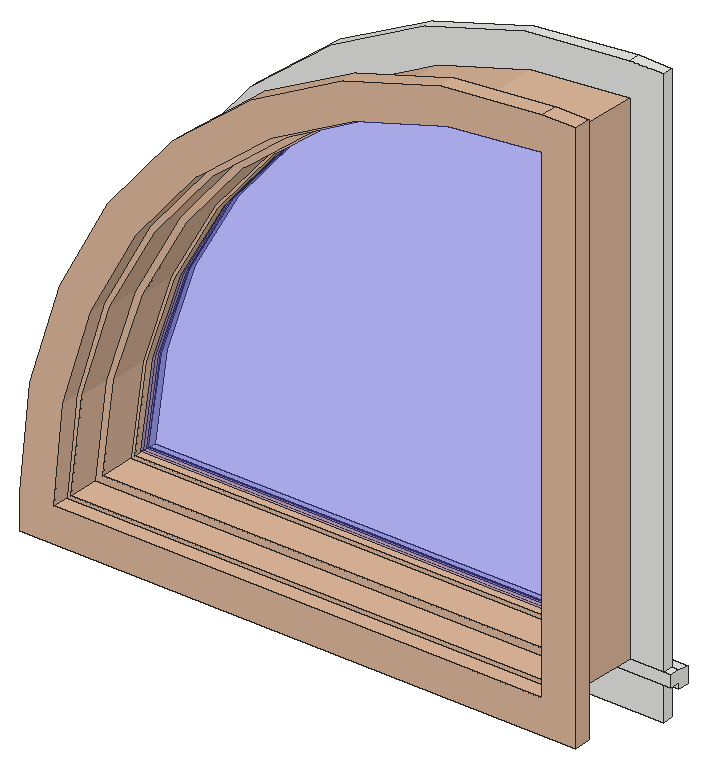
Revit family "M_Janela-fixa-um quarto", category Janelas, Revit 2019
Family settings
  Hospedeiro = Parede
  Número OmniClass = 23.30.20.17.11
  Título OmniClass = Fixed Windows
  Sempre na vertical = Sim
  Corte com vazios quando carregada = Não
  Compartilhado = Não
  Ponto de cálculo do ambiente = Não
Parameters (values of type "900 x 900mm")
  Janela aplicada [instance] = 0 mm
  Espessura da parede [instance] = 150 mm
  Visual Light Transmittance = 0.81
  Resistência térmica (R) = 0.319569 (m²·K)/W
  Solar Heat Gain Coefficient = 0.76
  Rough Width = Width + 15 mm  # 915 mm
  Rough Height = Height + 15 mm  # 915 mm
  Fechamento da parede interior [instance] = 54.75 mm
  Visibilidade do recorte interior [instance] = yes
  Material da apara interior = Madeira – Manchada
  Recorte interior = M_Moldura-janela-interior-plana-um quarto : Quadro
  Height = Width  # 900 mm
  Material da moldura interior = Madeira – Manchada
  Coeficiente de transferência de calor (U) = 3.12929 W/(m²·K)
  Material do painel de vidro = Vidro
  Extensão do quadro [instance] = if(Visibilidade da apara externa, Janela aplicada + 6.35 mm, 6.35 mm)  # 6.35 mm
  Classificação de incêndio = "0.5h"
  Fechamento da parede externa [instance] = 31.75 mm
  Visibilidade da apara externa [instance] = yes
  Material da apara externa = Revestimento – Branco
  Apara externa = M_Moldura-janela-exterior-plana-um quarto : com peitoril
  Material da moldura exterior = Revestimento – Branco
  Visibilidade do umbral da extensão [instance] = and(Visibilidade do recorte interior, Espessura da parede - Janela aplicada > 95.25 mm)  # yes
  Umbral da extensão [instance] = if(Espessura da parede - Janela aplicada > 95.25 mm, Espessura da parede - Janela aplicada - 95.25 mm, 25.4 mm)  # 54.75 mm
  Altura-padrão do peitoril = 900 mm
  Fechamento da parede = Por hospedeiro
  Width = 900 mm
  Código de montagem = "B2020100"
  Construção analítica = "Vidraça dupla – residencial"
Types (6, lengths in mm): name | Rough Width | Rough Height | Height | Width
  (no name) | 915 | 915 | 900 | 900
  900 x 900mm | 915 | 915 | 900 | 900
  600 x 600mm | 615 | 615 | 600 | 600
  1200 x 1200mm | 1215 | 1215 | 1200 | 1200
  1500 x 1500mm | 1515 | 1515 | 1500 | 1500
  1800 x 1800mm | 1815 | 1815 | 1800 | 1800
Reference planes
  plane 1 "Centro (Frente/Trás)": y = 0
  plane 2: z = 0
  plane 3 "Centro (Esquerda/Direita)": x = 0
  plane 4 "Esquerda": x = -450
  plane 5 "Direita": x = 450
  plane 6 "Peitoril": z = 900
  plane 7 "Superior": z = 1800
  plane 8 "Inset Face": y = 75
  plane 9 "Fechamento da parede": y = -20.25
  plane 10 "Face do caixilho": y = 87.7
  plane 11 "Exterior": y = 75
  plane 12: x = 437.3
  plane 13: x = -437.3
  plane 14: z = 1787.3
  plane 15: z = 912.7
  plane 16: x = 411.9
  plane 17: x = -411.9
  plane 18: z = 1761.9
  plane 19: z = 938.1
  plane 20: y = 55.95
  plane 21 "Vidro": y = 65.475
  plane 22 "Meio": z = 1350
  plane 23: y = 94.05
  plane 24: y = 94.05
  plane 25 "Interior": y = -75
  plane 26 "Umbral": y = -20.25
  plane 27: y = -20.25
  plane 28: y = 43.25
  plane 29: y = 94.05
Forms (mm)
  Sweep 1, solid, material "Madeira – Manchada" <- "Material da moldura interior"
    path origin (0, 87.7, 0) x (-1, 0, 0) y (0, 0, 1)
      loop
        line (-450, 900) -> (450, 900)
        arc (450, 900) -> (186.396, 1536.396) -> (-450, 1800) r 900
        line (-450, 1800) -> (-450, 900)
    profile origin (450, 87.7, 1350) x (1, 0, 0) y (0, 1, 0)
      loop
        line (0, 6.35) -> (-12.7, 6.35) -> (-12.7, -44.45) -> (-31.75, -44.45) -> (-31.75, -107.95) -> (0, -107.95) -> (0, 6.35)
  Sweep 2, solid, material "Madeira – Manchada" <- "Material da moldura interior"
    path origin (0, 87.7, 0) x (-1, 0, 0) y (0, 0, 1)
      loop
        line (-437.3, 912.7) -> (437.119, 912.7)
        arc (437.119, 912.7) -> (177.352, 1527.352) -> (-437.3, 1787.119) r 887.209
        line (-437.3, 1787.119) -> (-437.3, 912.7)
    profile origin (437.3, 87.7, 1349.909) x (1, 0, 0) y (0, 1, 0)
      loop
        line (0, -12.7) -> (-25.4, -12.7) -> (-25.4, -44.45) -> (0, -44.45) -> (0, -12.7)
  Extrusion 3, solid, material "Vidro" <- "Material do painel de vidro"
    sketch origin (-697.666, 65.475, 1219.2) x (-1, 0, 0) y (0, 0, 1)
      loop
        line (-1109.566, -281.1) -> (-287.501, -281.1)
        arc (-287.501, -281.1) -> (-538.841, 289.625) -> (-1109.566, 540.965) r 861.008
        line (-1109.566, 540.965) -> (-1109.566, -281.1)
    from 3.175 to 9.525
  Extrusion 4, solid, material "Vidro" <- "Material do painel de vidro"
    sketch origin (-697.666, 65.475, 1219.2) x (-1, 0, 0) y (0, 0, 1)
      loop
        line (-1109.566, -281.1) -> (-287.501, -281.1)
        arc (-287.501, -281.1) -> (-538.841, 289.625) -> (-1109.566, 540.965) r 861.008
        line (-1109.566, 540.965) -> (-1109.566, -281.1)
    from -3.175 to -9.525
  Sweep 5, solid, material "Revestimento – Branco" <- "Material da moldura exterior"
    path origin (0, 0, 0) x (1, 0, 0) y (0, 0, 1)
      loop
        arc (437.3, 1787.119) -> (-177.352, 1527.352) -> (-437.119, 912.7) r 887.209
        line (-437.119, 912.7) -> (437.3, 912.7) -> (437.3, 1787.119)
    profile origin (437.3, 0, 1349.909) x (0, -1, 0) y (1, 0, 0)
      loop
        line (-87.7, -25.4) -> (-75, -25.4) -> (-75, 0) -> (-87.7, 0) -> (-87.7, -25.4)
  Extrusion 6, solid, material "Madeira – Manchada" <- "Material da moldura interior", visible <- "Visibilidade do umbral da extensão"
    sketch origin (0, -20.25, 0) x (-1, 0, 0) y (0, 0, 1)
      loop
        line (-450, 900) -> (450, 900)
        arc (450, 900) -> (186.396, 1536.396) -> (-450, 1800) r 900
        line (-450, 1800) -> (-450, 900)
      loop
        line (-430.95, 919.05) -> (430.747, 919.05)
        arc (430.747, 919.05) -> (172.928, 1522.928) -> (-430.95, 1780.747) r 880.953
        line (-430.95, 1780.747) -> (-430.95, 919.05)
    from 0 to -54.75
Lines and regions (mm)
  Opening 1
    outline origin (-1524, -75, 0) x (1, 0, 0) y (0, 0, 1)
      loop
        line (1074, 900) -> (1974, 900) -> (1974, 1800)
        arc (1974, 1800) -> (1337.604, 1536.396) -> (1074, 900) r 900
  Split face 1
    outline origin (-410.967, 43.25, 938.1) x (1, 0, 0) y (0, 1, 0)
      loop
        line (0, 19.05) -> (822.867, 19.05)
Text (mm)
  text "EXTERIOR" at (-1490.695, 1293.036, 0), in view "Nível de referência"
  text "INTERIOR" at (-1490.695, -959.266, 0), in view "Nível de referência"
  text "Exterior" at (0, 1108.87, 3129.179), in view "Esquerda"
  text "Exterior" at (0, 464.664, 3176.206), in view "Direita"
Dimensions and locks
  equal spacing: plane 4 "Esquerda", plane 3 "Centro (Esquerda/Direita)", plane 5 "Direita"
  "Width": plane 4 "Esquerda" to plane 5 "Direita"
  "Height": plane 6 "Peitoril" to plane 7 "Superior"
  "Altura-padrão do peitoril": plane 2 to plane 6 "Peitoril"
  locked: plane 10 "Face do caixilho" to plane 8 "Inset Face" at 12.7
  "Espessura da parede": host wall to host wall
  "Janela aplicada": plane 11 "Exterior" to plane 8 "Inset Face"
  locked: Sweep 1 sketch curve to plane 5 "Direita" at 31.75
  locked: Sweep 1 sketch curve to plane 5 "Direita" at 12.7
  locked: plane 10 "Face do caixilho" to Sweep 1 sketch curve at 44.45
  locked: plane 12 to plane 5 "Direita" at 12.7
  locked: plane 4 "Esquerda" to plane 13 at 12.7
  locked: plane 14 to plane 7 "Superior" at 12.7
  locked: plane 6 "Peitoril" to plane 15 at 12.7
  locked: plane 16 to plane 12 at 25.4
  locked: plane 13 to plane 17 at 25.4
  locked: plane 18 to plane 14 at 25.4
  locked: plane 15 to plane 19 at 25.4
  equal spacing: plane 8 "Inset Face", plane 21 "Vidro", plane 20
  locked: plane 8 "Inset Face" to plane 20 at 19.05
  equal spacing: plane 6 "Peitoril", plane 22 "Meio", plane 7 "Superior"
  locked: plane 23 to plane 11 "Exterior" at 19.05
  locked: plane 24 to plane 10 "Face do caixilho" at 6.35
  "Umbral da extensão": plane 26 "Umbral" to plane 25 "Interior"
  locked: plane 8 "Inset Face" to plane 9 "Fechamento da parede" at 95.25
  locked: Extrusion 6 sketch curve to plane 6 "Peitoril" at 19.05
  locked: Extrusion 6 sketch curve to plane 5 "Direita" at 19.05
  "Fechamento da parede interior": plane 27 to plane 25 "Interior"
  "Fechamento da parede externa": plane 11 "Exterior" to plane 28
  "Extensão do quadro": plane 29 to plane 10 "Face do caixilho"
  aligned and locked: plane 6 "Peitoril" to Opening 1 sketch curve  (x3)
  aligned and locked: level to plane 2
  aligned and locked: host wall to plane 11 "Exterior"
  aligned and locked: Sweep 1 sketch curve to plane 6 "Peitoril"
  aligned and locked: plane 25 "Interior" to host wall
  aligned and locked: plane 9 "Fechamento da parede" to Sweep 1
  aligned and locked: nested 2 to plane 4 "Esquerda"
  aligned and locked: nested 2 to plane 11 "Exterior"
  aligned and locked: plane 12 to Sweep 2 sketch curve  (x2)
  aligned and locked: plane 16 to Sweep 2 sketch curve
  aligned and locked: plane 16 to Extrusion 3 sketch curve  (x2)
  aligned and locked: Extrusion 3 sketch curve to plane 19
  aligned and locked: plane 16 to Extrusion 4 sketch curve  (x2)
  aligned and locked: Extrusion 4 sketch curve to plane 19
  aligned and locked: plane 8 "Inset Face" to Sweep 2 sketch curve
  aligned and locked: Sweep 5 sketch curve to plane 12  (x2)
  aligned and locked: Sweep 5 sketch curve to plane 15
  aligned and locked: plane 6 "Peitoril" to Sweep 1 sketch curve  (x2)
  aligned and locked: plane 5 "Direita" to Sweep 1 sketch curve  (x3)
  aligned and locked: plane 7 "Superior" to Sweep 1 sketch curve
  aligned and locked: plane 10 "Face do caixilho" to Sweep 5 sketch curve
  aligned and locked: plane 16 to Sweep 5 sketch curve
  aligned and locked: Sweep 5 sketch curve to plane 8 "Inset Face"
  aligned and locked: plane 6 "Peitoril" to Sweep 5 sketch curve
  aligned and locked: plane 5 "Direita" to Sweep 5 sketch curve
  aligned and locked: plane 15 to Sweep 5 sketch curve
  aligned and locked: plane 6 "Peitoril" to Sweep 2 sketch curve
  aligned and locked: plane 5 "Direita" to Sweep 2 sketch curve
  aligned and locked: plane 15 to Sweep 2 sketch curve
  aligned and locked: plane 6 "Peitoril" to Extrusion 3 sketch curve
  aligned and locked: plane 5 "Direita" to Extrusion 3 sketch curve
  aligned and locked: plane 19 to Extrusion 3 sketch curve
  aligned and locked: plane 6 "Peitoril" to Extrusion 4 sketch curve
  aligned and locked: plane 5 "Direita" to Extrusion 4 sketch curve
  aligned and locked: plane 19 to Extrusion 4 sketch curve
  aligned and locked: plane 5 "Direita" to Opening 1 sketch curve  (x2)
  aligned and locked: plane 7 "Superior" to Opening 1 sketch curve
  aligned and locked: Extrusion 6 sketch curve to plane 6 "Peitoril"
  aligned and locked: Extrusion 6 sketch curve to plane 5 "Direita"
  aligned and locked: plane 5 "Direita" to Extrusion 6 sketch curve  (x2)
  aligned and locked: plane 6 "Peitoril" to Extrusion 6 sketch curve  (x3)
  aligned and locked: Extrusion 6 to plane 25 "Interior"
  aligned and locked: plane 7 "Superior" to nested 2
  aligned and locked: nested 1 to plane 3 "Centro (Esquerda/Direita)"
  aligned and locked: plane 7 "Superior" to nested 1
  aligned and locked: plane 3 "Centro (Esquerda/Direita)" to nested 3
  aligned and locked: nested 3 to plane 7 "Superior"
  aligned and locked: plane 29 to Sweep 1 sketch curve
Automatic sketch dimensions
  Sweep 1 sketch curve to profile plane = 0 mm
  Sweep 1 sketch curve to Sweep 1 sketch curve = 63.5 mm
  Split face 1 sketch curve to Sweep 2 = 0 mm  (x2)
  Sweep 2 sketch curve to profile plane = 0 mm
  Sweep 2 sketch curve to plane 10 "Face do caixilho" = 44.45 mm
  Sweep 5 sketch curve to plane 14 = 0.181 mm
  Sweep 2 sketch curve to plane 13 = 0.181 mm
  Sweep 2 to Split face 1 sketch curve = 12.7 mm
  Extrusion 3 sketch curve to plane 17 = 1.735 mm
  Extrusion 4 sketch curve to plane 17 = 1.735 mm
  Extrusion 6 sketch curve to plane 7 "Superior" = 0 mm
  Extrusion 6 sketch curve to plane 13 = 6.553 mm
Nested families
  nested 1: "M_Moldura-janela-exterior-plana-um quarto" at (0, 75, 1800) x (-1, 0, 0) z (0, 1, 0), Largura da abertura <- "Width", Altura da abertura <- "Height", Material da apara <- "Material da apara externa", type <- "Apara externa", visible <- "Visibilidade da apara externa", type "com peitoril"
    with Material da apara Revestimento – Branco, Largura da abertura 900 mm, Altura da abertura 900 mm
  nested 2: "M_Plana-fixa" at (0, 75, 900) x (-1, 0, 0) z (0, 0, 1), Width <- "Width", Janela aplicada <- "Janela aplicada", Espessura da parede <- "Espessura da parede", Height <- "Height", type "M_Plana-fixa"
    with Janela aplicada de 3D 0 mm, Janela aplicada 0 mm, Width 900 mm, Espessura da parede 150 mm, Height 900 mm
  nested 3: "M_Moldura-janela-interior-plana-um quarto" at (0, -75, 1800) x (-1, 0, 0) z (0, -1, 0), visible <- "Visibilidade do recorte interior", Material da apara <- "Material da apara interior", Largura da abertura <- "Width", type <- "Recorte interior", type "Quadro"
    with Material da apara Madeira – Manchada, Largura da abertura 900 mm, Altura da abertura 900 mm
Definition of nested family "M_Moldura-janela-exterior-plana-um quarto"
  Parameters (values of type "com peitoril")
    Largura da apara = 60 mm
    Espessura da apara_Quadro = 30 mm
    Espessura da apara_com peitoril = 19.05 mm
    Material da apara [instance] = none
    Espessura do peitoril = 30 mm
    Peitoril = yes
    Quadro = no
    Largura da abertura [instance] = 600 mm
    Altura da abertura [instance] = Largura da abertura  # 600 mm
    Default Elevation = 1200 mm
  Reference planes
    plane 1 "Centro (Frente/Trás)": y = 0
    plane 2: z = 0
    plane 3 "Centro (Esquerda/Direita)": x = 0
    plane 4: y = 60
    plane 5 "Esquerda": x = -300
    plane 6 "Direita": x = 300
    plane 7 "Inferior": y = -600
    plane 8: y = -630
    plane 9: y = -680.432
    plane 10: x = 360
    plane 11: x = -360
    plane 12: z = 19.05
    plane 13: z = 30
    plane 14: x = 372.7
    plane 15: x = -372.7
    plane 16: y = -620.432
    plane 17: y = -660
    plane 18: z = 12.7
    plane 19: z = 38.1
  Forms (mm)
    Extrusion 1, solid
      sketch origin (0, 0, 0) x (1, 0, 0) y (0, 1, 0)
        loop
          line (-361.95, 57.15) -> (-361.95, -688.932) -> (361.95, -688.932) -> (361.95, 57.15) -> (-361.95, 57.15)
      from 0 to -304.8
    Extrusion 2, solid, material <- "Material da apara", visible <- "Peitoril"
      sketch origin (0, 0, 0) x (1, 0, 0) y (0, 1, 0)
        loop
          line (-360, -600) -> (-300, -600) -> (-300, 0)
          arc (-300, 0) -> (124.264, -175.736) -> (300, -600) r 600
          line (300, -600) -> (360, -600)
          arc (360, -600) -> (166.69, -133.31) -> (-300, 60) r 660
          line (-300, 60) -> (-360, 60) -> (-360, -600)
      from 0 to 19.05
    Extrusion 3, solid, material <- "Material da apara", visible <- "Peitoril"
      sketch origin (0, 0, 0) x (0, 1, 0) y (0, 0, 1)
        loop
          line (-602.458, 38.1) -> (-630, 38.1) -> (-630, 19.05) -> (-620.432, 19.05) -> (-620.432, 0) -> (-600, 0) -> (-600, 19.05) -> (-602.458, 38.1)
      from -372.7 to 372.7
    Extrusion 4, solid, material <- "Material da apara", visible <- "Peitoril"
      sketch origin (0, 0, 0) x (1, 0, 0) y (0, 1, 0)
        loop
          line (-360, -620.432) -> (-360, -680.432) -> (360, -680.432) -> (360, -620.432) -> (-360, -620.432)
      from 0 to 19.05
    Extrusion 5, solid, material <- "Material da apara", visible <- "Quadro"
      sketch origin (0, 0, 0) x (1, 0, 0) y (0, 1, 0)
        loop
          line (-300, -600) -> (300, -600)
          arc (300, -600) -> (124.264, -175.736) -> (-300, 0) r 600
          line (-300, 0) -> (-300, -600)
        loop
          line (-360, -660) -> (360, -660) -> (360, -600)
          arc (360, -600) -> (166.69, -133.31) -> (-300, 60) r 660
          line (-300, 60) -> (-360, 60) -> (-360, -660)
      from 0 to 30
  Dimensions and locks
    equal spacing: plane 5 "Esquerda", plane 3 "Centro (Esquerda/Direita)", plane 6 "Direita"
    "Largura da abertura": plane 5 "Esquerda" to plane 6 "Direita"
    "Altura da abertura": plane 7 "Inferior" to plane 1 "Centro (Frente/Trás)"
    "Espessura do peitoril": plane 7 "Inferior" to plane 8
    "Largura da apara": plane 11 to plane 5 "Esquerda"
    "Largura da apara": plane 6 "Direita" to plane 10
    "Largura da apara": plane 1 "Centro (Frente/Trás)" to plane 4
    locked: plane 15 to plane 11 at 12.7
    locked: plane 10 to plane 14 at 12.7
    locked: plane 16 to plane 8 at 9.568
    "Largura da apara": plane 9 to plane 16
    "Largura da apara": plane 17 to plane 7 "Inferior"
    locked: plane 18 to plane 2 at 12.7
    locked: plane 19 to plane 12 at 19.05
    "Espessura da apara_com peitoril": plane 12 to plane 2
    "Espessura da apara_Quadro": plane 13 to plane 2
    aligned and locked: plane 2 to Extrusion 1
    aligned and locked: level to Extrusion 1
    aligned and locked: Extrusion 2 sketch curve to plane 5 "Esquerda"
    aligned and locked: Extrusion 2 sketch curve to plane 11
    aligned and locked: plane 7 "Inferior" to Extrusion 2 sketch curve  (x4)
    aligned and locked: plane 12 to Extrusion 2
    aligned and locked: Extrusion 3 sketch curve to level
    aligned and locked: plane 7 "Inferior" to Extrusion 3 sketch curve
    aligned and locked: Extrusion 3 sketch curve to plane 8
    aligned and locked: plane 15 to Extrusion 3
    aligned and locked: Extrusion 3 to plane 14
    aligned and locked: plane 10 to Extrusion 4 sketch curve
    aligned and locked: Extrusion 4 sketch curve to plane 11
    aligned and locked: plane 16 to Extrusion 4 sketch curve
    aligned and locked: plane 9 to Extrusion 4 sketch curve
    aligned and locked: Extrusion 4 to Extrusion 2
    aligned and locked: Extrusion 5 sketch curve to plane 17
    aligned and locked: plane 7 "Inferior" to Extrusion 5 sketch curve  (x3)
    aligned and locked: plane 5 "Esquerda" to Extrusion 5 sketch curve  (x3)
    aligned and locked: Extrusion 5 sketch curve to plane 11
    aligned and locked: plane 13 to Extrusion 5
    aligned and locked: plane 19 to Extrusion 3
    aligned and locked: Extrusion 5 sketch curve to plane 4
    aligned and locked: plane 10 to Extrusion 5 sketch curve
    aligned and locked: plane 4 to Extrusion 2 sketch curve
    aligned and locked: plane 5 "Esquerda" to Extrusion 2 sketch curve  (x2)
  Automatic sketch dimensions
    Extrusion 1 sketch curve to Extrusion 1 sketch curve = 723.9 mm
    Extrusion 1 sketch curve to Extrusion 1 sketch curve = 746.082 mm
    Extrusion 3 sketch curve to plane 16 = 0 mm
    Extrusion 3 sketch curve to plane 12 = 0 mm  (x2)
    Extrusion 3 sketch curve to plane 7 "Inferior" = 2.458 mm
    plane 13 to Extrusion 3 sketch curve = 8.1 mm
    Extrusion 5 sketch curve to plane 6 "Direita" = 0 mm
    Extrusion 2 sketch curve to plane 6 "Direita" = 0 mm
Definition of nested family "M_Moldura-janela-interior-plana-um quarto"
  Parameters (values of type "Quadro")
    Espessura da apara_Quadro = 30 mm
    Largura da apara = 60 mm
    Espessura da apara_com peitoril = 20 mm
    Material da apara [instance] = none
    Espessura do peitoril = 30 mm
    Peitoril = no
    Quadro = yes
    Largura da abertura [instance] = 600 mm
    Altura da abertura [instance] = Largura da abertura  # 600 mm
    Default Elevation = 1200 mm
  Reference planes
    plane 1 "Centro (Frente/Trás)": y = 0
    plane 2: z = 0
    plane 3 "Centro (Esquerda/Direita)": x = 0
    plane 4: y = 47.3
    plane 5 "Esquerda": x = -300
    plane 6 "Direita": x = 300
    plane 7 "Inferior": y = -600
    plane 8: y = -630
    plane 9: y = -680.432
    plane 10: x = 347.3
    plane 11: x = -347.3
    plane 12: z = 20
    plane 13: z = 30
    plane 14: x = 360
    plane 15: x = -360
    plane 16: y = -620.432
    plane 17: y = -647.3
    plane 18: z = 12.7
    plane 19: x = -287.3
    plane 20: y = -12.7
    plane 21: x = 287.3
    plane 22: y = -587.3
    plane 23: x = -334.6
    plane 24: x = 334.6
    plane 25: y = 34.6
  Forms (mm)
    Extrusion 1, solid
      sketch origin (0, 0, 0) x (1, 0, 0) y (0, 1, 0)
        loop
          line (-349.25, 44.45) -> (-349.25, -688.932) -> (349.25, -688.932) -> (349.25, 44.45) -> (-349.25, 44.45)
      from 0 to -304.8
    Extrusion 2, solid, material <- "Material da apara", visible <- "Peitoril"
      sketch origin (0, 0, 0) x (1, 0, 0) y (0, 1, 0)
        loop
          line (-334.6, -600) -> (-287.3, -600) -> (-287.3, -12.7)
          arc (-287.3, -12.7) -> (123.469, -185.512) -> (287.16, -600) r 574.6
          line (287.16, -600) -> (334.47, -600)
          arc (334.47, -600) -> (156.917, -152.064) -> (-287.3, 34.6) r 621.9
          line (-287.3, 34.6) -> (-334.6, 34.6) -> (-334.6, -600)
      from 0 to 20
    Extrusion 3, solid, material <- "Material da apara", visible <- "Peitoril"
      sketch origin (0, 0, 0) x (0, 1, 0) y (0, 0, 1)
        loop
          line (-612.7, 39.05) -> (-620.432, 39.05) -> (-620.432, 0) -> (-600, 0) -> (-600, 26.35)
          arc (-600, 26.35) -> (-603.72, 35.33) -> (-612.7, 39.05) r 12.7
      from -347.3 to 347.3
    Extrusion 4, solid, material <- "Material da apara", visible <- "Peitoril"
      sketch origin (0, 0, 0) x (1, 0, 0) y (0, 1, 0)
        loop
          line (-334.6, -620.432) -> (-334.6, -680.432) -> (334.6, -680.432) -> (334.6, -620.432) -> (-334.6, -620.432)
      from 0 to 20
    Extrusion 5, solid, material <- "Material da apara", visible <- "Quadro"
      sketch origin (0, 0, 0) x (1, 0, 0) y (0, 1, 0)
        loop
          line (-287.3, -587.3) -> (287.3, -587.3)
          arc (287.3, -587.3) -> (119.004, -180.996) -> (-287.3, -12.7) r 574.6
          line (-287.3, -12.7) -> (-287.3, -587.3)
        loop
          line (-347.3, -647.3) -> (347.3, -647.3) -> (347.3, -587.3)
          arc (347.3, -587.3) -> (161.43, -138.57) -> (-287.3, 47.3) r 634.6
          line (-287.3, 47.3) -> (-347.3, 47.3) -> (-347.3, -647.3)
      from 0 to 30
  Dimensions and locks
    equal spacing: plane 5 "Esquerda", plane 3 "Centro (Esquerda/Direita)", plane 6 "Direita"
    "Largura da abertura": plane 5 "Esquerda" to plane 6 "Direita"
    "Altura da abertura": plane 7 "Inferior" to plane 1 "Centro (Frente/Trás)"
    "Espessura do peitoril": plane 7 "Inferior" to plane 8
    "Largura da apara": plane 11 to plane 19
    "Largura da apara": plane 21 to plane 10
    "Largura da apara": plane 20 to plane 4
    "Espessura da apara_com peitoril": plane 12 to plane 2
    locked: plane 15 to plane 11 at 12.7
    locked: plane 10 to plane 14 at 12.7
    locked: plane 16 to plane 8 at 9.568
    "Largura da apara": plane 9 to plane 16
    "Largura da apara": plane 17 to plane 22
    plane 20 to plane 1 "Centro (Frente/Trás)" = 12.7 mm
    plane 5 "Esquerda" to plane 19 = 12.7 mm
    plane 21 to plane 6 "Direita" = 12.7 mm
    plane 22 to plane 7 "Inferior" = 12.7 mm
    locked: plane 11 to plane 23 at 12.7
    locked: plane 24 to plane 10 at 12.7
    "Espessura da apara_Quadro": plane 13 to plane 2
    locked: Extrusion 3 to plane 12 at 19.05
    locked: plane 12 to Extrusion 3 sketch curve at 19.05
    locked: plane 4 to plane 25 at 12.7
    radius of Extrusion 3 sketch curve = 12.7 mm
    aligned and locked: plane 2 to Extrusion 1
    aligned and locked: level to Extrusion 1
    aligned and locked: plane 7 "Inferior" to Extrusion 2 sketch curve  (x2)
    aligned and locked: plane 12 to Extrusion 2
    aligned and locked: Extrusion 3 sketch curve to level
    aligned and locked: plane 7 "Inferior" to Extrusion 3 sketch curve
    aligned and locked: plane 16 to Extrusion 4 sketch curve
    aligned and locked: plane 9 to Extrusion 4 sketch curve
    aligned and locked: Extrusion 5 sketch curve to plane 17
    aligned and locked: plane 10 to Extrusion 5 sketch curve
    aligned and locked: Extrusion 5 sketch curve to plane 11
    aligned and locked: plane 13 to Extrusion 5
    aligned and locked: plane 19 to Extrusion 5 sketch curve  (x3)
    aligned and locked: plane 22 to Extrusion 5 sketch curve  (x3)
    aligned and locked: plane 24 to Extrusion 4
    aligned and locked: plane 11 to Extrusion 3
    aligned and locked: Extrusion 3 to plane 10
    aligned and locked: Extrusion 2 sketch curve to plane 19
    aligned and locked: plane 23 to Extrusion 2 sketch curve
    aligned and locked: plane 12 to Extrusion 4
    aligned and locked: plane 22 to Extrusion 2 sketch curve  (x2)
    aligned and locked: plane 19 to Extrusion 2 sketch curve  (x2)
    aligned and locked: plane 25 to Extrusion 2 sketch curve
  Automatic sketch dimensions
    Extrusion 1 sketch curve to Extrusion 1 sketch curve = 698.5 mm
    Extrusion 1 sketch curve to Extrusion 1 sketch curve = 733.382 mm
    Extrusion 3 sketch curve to plane 16 = 0 mm
    Extrusion 4 sketch curve to plane 11 = 12.7 mm
    Extrusion 4 sketch curve to plane 24 = 0 mm
    Extrusion 5 sketch curve to plane 21 = 0 mm
    Extrusion 2 sketch curve to plane 20 = 0 mm
Definition of nested family "M_Plana-fixa"
  Parameters (values of type "M_Plana-fixa")
    Janela aplicada [instance] = 25 mm
    Janela aplicada de 3D [instance] = if(Janela aplicada - 12.7 mm < 0 mm, 0 mm, if(Janela aplicada - 12.7 mm < Espessura da parede - 88.9 mm, Janela aplicada - 12.7 mm, Espessura da parede - 88.9 mm))  # 12.3 mm
    Width [instance] = 1200 mm
    Espessura da parede [instance] = 150 mm
    Height [instance] = 900 mm
    Default Elevation = 1200 mm
    Analytic Construction = "<Nenhum>"
  Reference planes
    plane 1 "Centro (Frente/Trás)": y = 0
    plane 2: z = 0
    plane 3 "Centro (Esquerda/Direita)": x = 0
    plane 4: x = -600
    plane 5: x = 600
    plane 6 "Umbral": y = -101.2
    plane 7: x = -587.3
    plane 8: x = -568.25
    plane 9: y = -12.3
    plane 10: y = -56.75
    plane 11: y = -34.525
    plane 12: x = -561.9
    plane 13: x = 587.3
    plane 14: x = 568.25
    plane 15: x = 561.9
    plane 16 "Janela aplicada": y = -25
    plane 17 "Parede": y = -150
    plane 18: z = 900
    plane 19: z = 887.3
    plane 20: z = 12.7
    plane 21: z = 868.25
    plane 22: z = 31.75
    plane 23: z = 861.9
    plane 24: z = 38.1
  Lines and regions (mm)
    Masking region 1
      outline origin (0, 19.05, 0) x (1, 0, 0) y (0, 1, 0)
        loop
          line (-600, -169.05) -> (600, -169.05) -> (600, -19.05) -> (-600, -19.05) -> (-600, -169.05)
    Masking region 2
      outline origin (0, 0, 0) x (0, 1, 0) y (0, 0, 1)
        loop
          line (-150, 900) -> (-150, 0) -> (0, 0) -> (0, 900) -> (-150, 900)
    symbolic lines
      curve 1: line (-587.3, -56.75, 0) -> (-568.25, -56.75, 0)
      curve 2: line (-568.25, -56.75, 0) -> (-568.25, -101.2, 0)
      curve 3: line (-587.3, -12.3, 0) -> (-587.3, -56.75, 0)
      curve 4: line (-600, -12.3, 0) -> (-561.9, -12.3, 0)
      curve 5: line (-561.9, -12.3, 0) -> (-561.9, -56.75, 0)
      curve 6: line (-561.9, -56.75, 0) -> (-568.25, -56.75, 0)
      curve 7: line (-561.9, -34.525, 0) -> (561.9, -34.525, 0)
      curve 8: line (587.3, -56.75, 0) -> (568.25, -56.75, 0)
      curve 9: line (568.25, -56.75, 0) -> (568.25, -101.2, 0)
      curve 10: line (587.3, -12.3, 0) -> (587.3, -56.75, 0)
      curve 11: line (561.9, -12.3, 0) -> (561.9, -56.75, 0)
      curve 12: line (561.9, -56.75, 0) -> (568.25, -56.75, 0)
      curve 13: line (-600, -101.2, 0) -> (-568.25, -101.2, 0)
      curve 14: line (568.25, -101.2, 0) -> (600, -101.2, 0)
      curve 15: line (0, -12.3, 887.3) -> (0, -56.75, 887.3)
      curve 16: line (0, -56.75, 868.25) -> (0, -101.2, 868.25)
      curve 17: line (0, -101.2, 0) -> (0, -101.2, 31.75)
      curve 18: line (0, -12.3, 12.7) -> (0, -56.75, 12.7)
      curve 19: line (0, -56.75, 12.7) -> (0, -56.75, 38.1)
      curve 20: line (0, -56.75, 31.75) -> (0, -101.2, 31.75)
      curve 21: line (0, -12.3, 900) -> (0, -12.3, 861.9)
      curve 22: line (0, -12.3, 861.9) -> (0, -56.75, 861.9)
      curve 23: line (0, -56.75, 38.1) -> (0, -12.3, 38.1)
      curve 24: line (0, -34.525, 38.1) -> (0, -34.525, 861.9)
      curve 25: line (0, -56.75, 887.3) -> (0, -56.75, 861.9)
      curve 26: line (561.9, -12.3, 0) -> (600, -12.3, 0)
      curve 27: line (0, -101.2, 868.25) -> (0, -101.2, 900)
      curve 28: line (0, -12.3, 38.1) -> (0, -12.3, 0)
      curve 29: line (-561.9, -12.3, 0) -> (561.9, -12.3, 0)
      curve 30: line (568.25, -101.2, 0) -> (-568.25, -101.2, 0)
      curve 31: line (0, -12.3, 861.9) -> (0, -12.3, 38.1)
      curve 32: line (0, -101.2, 31.75) -> (0, -101.2, 868.25)
  Dimensions and locks
    "Width": plane 4 to plane 5
    equal spacing: plane 4, plane 3 "Centro (Esquerda/Direita)", plane 5
    plane 4 to plane 7 to plane 8 = 12.7 mm locked, 19.05 mm locked
    equal spacing: plane 9, plane 11, plane 10
    plane 5 to plane 13 to plane 14 = 12.7 mm locked, 19.05 mm locked
    locked: plane 9 to plane 16 "Janela aplicada" at 12.7
    locked: plane 9 to plane 10 at 44.45
    "Espessura da parede": plane 17 "Parede" to plane 1 "Centro (Frente/Trás)"
    "Height": plane 18 to plane 2
    locked: plane 18 to plane 19 at 12.7
    locked: plane 20 to plane 2 at 12.7
    locked: plane 19 to plane 21 at 19.05
    locked: plane 22 to plane 20 at 19.05
    locked: plane 10 to plane 6 "Umbral" at 44.45
    "Janela aplicada de 3D": plane 9 to plane 1 "Centro (Frente/Trás)"
    locked: plane 7 to plane 12 at 25.4
    locked: plane 15 to plane 13 at 25.4
    locked: plane 19 to plane 23 at 25.4
    locked: plane 24 to plane 20 at 25.4
    aligned and locked: plane 2 to level
    aligned and locked: curve 2 to plane 8
    aligned and locked: curve 1 to plane 10
    aligned and locked: plane 4 to Masking region 1 sketch curve
    aligned and locked: Masking region 1 sketch curve to plane 5
    aligned and locked: plane 14 to curve 9
    aligned and locked: Masking region 1 sketch curve to plane 17 "Parede"
    aligned and locked: curve 13 to plane 6 "Umbral"
    aligned and locked: curve 14 to plane 6 "Umbral"
    aligned and locked: plane 1 "Centro (Frente/Trás)" to Masking region 1 sketch curve
    aligned and locked: Masking region 2 sketch curve to plane 18
    aligned and locked: plane 17 "Parede" to Masking region 2 sketch curve
    aligned and locked: level to Masking region 2 sketch curve
    aligned and locked: plane 6 "Umbral" to curve 17
    aligned and locked: plane 21 to curve 16
    aligned and locked: plane 19 to curve 15
    aligned and locked: plane 22 to curve 20
    aligned and locked: plane 10 to curve 19  (x2)
    aligned and locked: plane 20 to curve 18
    aligned and locked: curve 21 to plane 9
    aligned and locked: plane 23 to curve 22
    aligned and locked: curve 23 to plane 24
    aligned and locked: plane 11 to curve 24
    aligned and locked: plane 4 to curve 4
    aligned and locked: plane 5 to curve 26
    aligned and locked: plane 18 to curve 21
    aligned and locked: plane 9 to curve 15
    aligned and locked: plane 9 to curve 18
    aligned and locked: plane 2 to curve 28
    aligned and locked: plane 9 to curve 3
    aligned and locked: plane 9 to curve 10
    aligned and locked: curve 25 to plane 10
    aligned and locked: plane 19 to curve 25
    aligned and locked: plane 23 to curve 25
    aligned and locked: plane 2 to curve 17
    aligned and locked: curve 26 to plane 9
    aligned and locked: curve 4 to plane 9
    aligned and locked: curve 5 to plane 12
    aligned and locked: plane 15 to curve 11
    aligned and locked: curve 7 to plane 11
    aligned and locked: curve 12 to plane 10
    aligned and locked: plane 10 to curve 8
    aligned and locked: plane 6 "Umbral" to curve 27
  Automatic sketch dimensions
    Masking region 2 sketch curve to plane 1 "Centro (Frente/Trás)" = 0 mm
    curve 13 to plane 4 = 0 mm
    curve 3 to plane 7 = 0 mm
    curve 10 to plane 13 = 0 mm
    curve 14 to plane 5 = 0 mm
    curve 18 to plane 20 = 0 mm
    curve 27 to plane 18 = 0 mm
